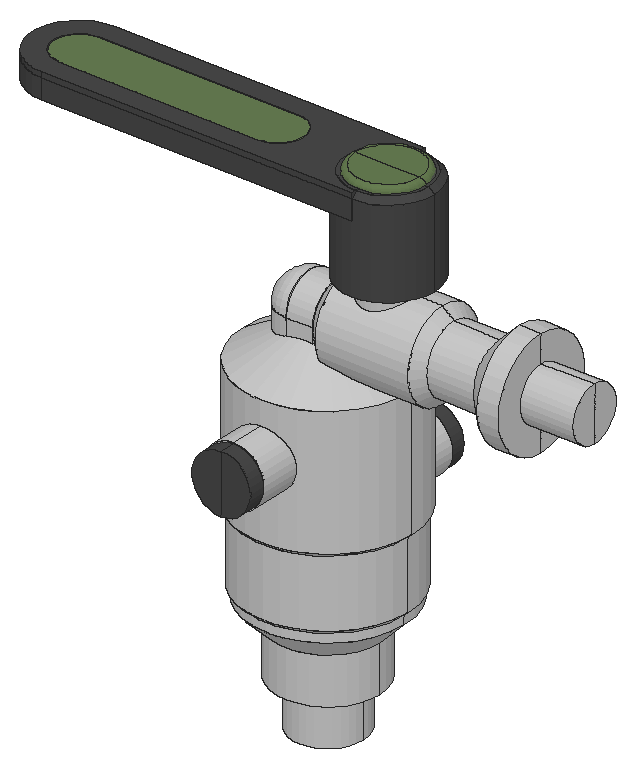
Revit family "Водоразборная арматура в комплекте с клапаном предотвращения обратного потока 0300", category Rohrzubehör, Revit 2019
Family settings
  Bemaßung runder Anschluss = Durchmesser verwenden
  Teiletyp = Unterbricht
  OmniClass-Nummer = 23.65.55.14
  OmniClass-Titel = Valves for Liquid Services
  Arbeitsebenenbasiert = Nein
  Immer vertikal = Ja
  Beim Laden mit Abzugskörper schneiden = Nein
  Gemeinsam genutzt = Nein
Parameters (values of type "DN15 - DN20")
  Уплотнение = "EPDM"  # constant formula
  Примечание = "В соответствии со статьей 33 Регламента REACH (Registration; Evaluation; Authorisation; Restriction of Chemicals) (EC № 1907/2006) мы обязаны указать, что свинец внесен в список SVHC (Substances of Very High Concern - вещества очень высокой важности) и весовой процент свинца во всех латунных компонентах заводского изготовления в наших изделиях, превышает 0,1 % (w/w) (CAS: 7439-92-1 / EINECS: 231-100-4).\r\nПоскольку свинец является легирующим компонентом сплава, прямое негативное влияние исключается, и поэтому дополнительной информации о безопасном использовании не требуется."
  Область применения = "Водоразборная арматура со встроенным клапаном предотвращения обратного потока (ВА) предназначена для установки над раковинами, ваннами или для установки вне помещения (например, клапан в саду).\r\nАрматура состоит из шарового крана на стороне входа и клапана предотвращения обратного потока ниже по направлению потока, тип ВА согласно DIN EN 1717."
  Макс. рабочее давление = 1000000.0 Pa  # constant formula
  Макс. рабочая температура = 65 °C  # constant formula
  Корпус = "штампованная латунь (CW617N), хромированная"  # constant formula
  Макс. допустимая рабочая температура (кратковременно) = 80 °C  # constant formula
  Исполнение = "Клапан предотвращения обратного потока ВА, встроенный в водоразборную арматуру, разработан согласно требованиям нормы DIN EN 1717.\r\nСогласно этой нормы качество воды, в зависимости от степени загрязнения, разделяется на 5 классов.\r\nКлапан предотвращения обратного потока типа ВА защищает от попадания непитьевой воды (4-й класс защиты - самый высокий класс защиты, который может обеспечить арматура).\r\nУстановка фильтра-грязевика перед клапаном предотвращения обратного потока помогает обеспечить его долгий срок службы.\r\nЭта арматура может быть установлена только в вертикальном положении."
  W02 = 60.00°  # constant formula
  W01 = 45.00°  # constant formula
  URL = "www.herz-armaturen.ru"
  Картридж клапана предотвращения обратного потока = "высококачественный устойчивый к известковому налету пластик"  # constant formula
  STL02 = 37.500 mm  # constant formula
  STL01 = 33.000 mm  # constant formula
  STD02 = 8.200 mm  # constant formula
  STD01 = 8.500 mm  # constant formula
  SCTWSEQ = "AW;SBT_TYP_AW=\"104\";2"
  SCTWCODE = "04;12;02"  # constant formula
  S05 = R03 - 2.000 mm  # 10.400 mm
  S04 = 33.000 mm  # constant formula
  S03 = 25.000 mm  # constant formula
  S02 = 45.000 mm  # constant formula
  S01 = 13.000 mm  # constant formula
  R09 = 13.000 mm  # constant formula
  R05 = 8.000 mm  # constant formula
  R04 = 8.500 mm  # constant formula
  R03 = 12.400 mm  # constant formula
  R02 = 9.500 mm  # constant formula
  R01 = 15.000 mm  # constant formula
  NennweiteEin [instance] = if([15_20], 15.000 mm, if([20_20], 20.000 mm, if([20_25], 20.000 mm, 0.000 mm)))  # 15.000 mm
  NennweiteAus [instance] = if([15_20], 20.000 mm, if([20_20], 20.000 mm, if([20_25], 25.000 mm, 0.000 mm)))  # 20.000 mm
  Среда = "вода (не пар)"  # constant formula
  LO01 = 34.500 mm  # constant formula
  L11 = 77.500 mm  # constant formula
  L10 = 57.500 mm  # constant formula
  L09 = 58.000 mm  # constant formula
  L08 = 2.500 mm  # constant formula
  L07 = 26.000 mm  # constant formula
  L06 = 6.000 mm  # constant formula
  L05 = 15.000 mm  # constant formula
  L04 = 5.000 mm  # constant formula
  L03 = 100.000 mm  # constant formula
  L02 = 58.000 mm  # constant formula
  L01 = 75.000 mm  # constant formula
  Hersteller = "HERZ Armaturen Ges.m.b.H."  # constant formula
  H08 = 15.000 mm  # constant formula
  H07 = 36.000 mm  # constant formula
  H06 = 19.000 mm  # constant formula
  H05 = 2.500 mm  # constant formula
  H04 = 13.000 mm  # constant formula
  H03 = 13.000 mm  # constant formula
  H02 = 105.000 mm  # constant formula
  H01 = 146.000 mm - H02  # 41.000 mm
  Положение при монтаже = "вертикальное"  # constant formula
  Номер заказа = if([15_20], "I030001", if([20_20], "I030002", if([20_25], "I030012", "0")))  # "I030001"
  20_25 = no
  20_20 = no
  15_20 = yes
  D05 = 14.500 mm  # constant formula
  D04 = 21.500 mm  # constant formula
  D03 = 22.500 mm  # constant formula
  D02 = 7.000 mm  # constant formula
  D01 = 23.500 mm  # constant formula
  AGein [instance] = NennweiteEin / 2  # 7.500 mm
  AGaus [instance] = NennweiteAus / 2  # 10.000 mm
Types (4, lengths in mm): name | NennweiteEin | NennweiteAus | Номер заказа | 20_25 | 20_20 | 15_20 | AGein | AGaus
  (no name) | 15.000 | 20.000 | "I030001" | no | no | yes | 7.500 | 10.000
  DN15 - DN20 | 15.000 | 20.000 | "I030001" | no | no | yes | 7.500 | 10.000
  DN20 - DN20 | 20.000 | 20.000 | "I030002" | no | yes | no | 10.000 | 10.000
  DN20 - DN25 | 20.000 | 25.000 | "I030012" | yes | no | no | 10.000 | 12.500
Reference planes
  plane 1 "Mitte (Vorne/hinten)": y = 0
  plane 2: z = 0
  plane 3 "Mitte (Links/rechts)": x = 0
Forms (mm)
  Revolve 1, solid, material "Messing, vernickelt", detail levels fine
    sketch origin (0, 0, -213.5) x (1, 0, 0) y (0, 0, 1)
      loop
        line (0, 108.5) -> (0, 213.5) -> (-7, 213.5) -> (-7, 210.526) -> (-23.5, 201) -> (-23.5, 165) -> (-22.5, 164) -> (-22.5, 145) -> (-21.5, 144) -> (-21.5, 141.5) -> (-14.5, 134.5) -> (-14.5, 121.5) -> (-10, 121.5) -> (-10, 108.5) -> (0, 108.5)
      axis (0, 213.5) -> (0, 108.5)
    angle from 0 to 360
  Revolve 2, solid, material "Messing, vernickelt", detail levels fine
    sketch origin (0, 0, 0) x (1, 0, 0) y (0, 0, 1)
      loop
        line (2.5, 0) -> (75, 0) -> (75, 7.5) -> (60, 7.5) -> (60, 15) -> (54, 15) -> (48.5, 9.5) -> (35.3, 9.5) -> (32.4, 12.4) -> (6.4, 12.4) -> (2.5, 8.5) -> (2.5, 0)
      axis (2.5, 0) -> (75, 0)
    angle from 0 to 360
  Extrusion 3, solid, material "Messing, vernickelt", detail levels fine
    sketch origin (0, 0, 0) x (0, 1, 0) y (0, 0, 1)
      loop
        arc (8.5, 0) -> (0, 8.5) -> (-8.5, 0) r 8.5
        line (-8.5, 0) -> (-8.5, -12.5) -> (8.5, -12.5) -> (8.5, 0)
    from 2.5 to -5
  Extrusion 4, solid, material "Messing, vernickelt", detail levels fine
    sketch origin (0, 0, 0) x (1, 0, 0) y (0, 1, 0)
      loop
        circle (-5, 0) r 8.5
    from -20 to 0
  Revolve 5, solid, material "Messing, vernickelt", detail levels fine
    sketch origin (0, 0, 0) x (1, 0, 0) y (0, 1, 0)
      loop
        arc (-5, 8.5) -> (-11.01, 6.01) -> (-13.5, 0) r 8.5
        line (-13.5, 0) -> (-5, 0) -> (-5, 8.5)
      axis (-5, 0) -> (-13.5, 0)
    angle from 0 to 360
  Revolve 6, solid, material "Messing, vernickelt", detail levels fine
    sketch origin (0, 0, 0) x (1, 0, 0) y (0, 0, 1)
      loop
        line (17, 0) -> (25, 0) -> (25, 15) -> (17, 15) -> (17, 0)
      axis (17, 15) -> (17, 0)
    angle from 0 to 360
  Revolve 7, solid, material "Kunststoff SCHWARZ", detail levels fine
    sketch origin (0, 0, 0) x (1, 0, 0) y (0, 0, 1)
      loop
        line (17, 15) -> (30, 15) -> (30, 39.5) -> (28.5, 41) -> (17, 41) -> (17, 15)
      axis (17, 15) -> (17, 41)
    angle from 0 to 360
  Revolve 8, solid, material "Kunststoff GRÜN", detail levels fine
    sketch origin (0, 0, 0) x (1, 0, 0) y (0, 0, 1)
      loop
        line (17, 42.5) -> (17, 41) -> (27.5, 41)
        arc (27.5, 41) -> (27.061, 42.061) -> (26, 42.5) r 1.5
        line (26, 42.5) -> (17, 42.5)
      axis (17, 42.5) -> (17, 41)
    angle from 0 to 360
  Extrusion 9, solid, material "Kunststoff SCHWARZ", detail levels fine
    sketch origin (0, 0, 0) x (1, 0, 0) y (0, 1, 0)
      loop
        line (17, 13) -> (-70, 13)
        arc (-70, 13) -> (-83, 0) -> (-70, -13) r 13
        line (-70, -13) -> (17, -13) -> (17, 13)
    from 34 to 39.5
  Extrusion 10, solid, material "Kunststoff SCHWARZ", detail levels fine
    sketch origin (0, 0, 0) x (1, 0, 0) y (0, 1, 0)
      loop
        line (17, 13) -> (-70, 13)
        arc (-70, 13) -> (-83, 0) -> (-70, -13) r 13
        line (-70, -13) -> (17, -13) -> (17, 13)
      loop
        arc (-70, 7) -> (-77, 0) -> (-70, -7) r 7
        line (-70, -7) -> (-14, -7)
        arc (-14, -7) -> (-7, 0) -> (-14, 7) r 7
        line (-14, 7) -> (-70, 7)
    from 39.5 to 41
  Extrusion 11, solid, material "Kunststoff GRÜN", detail levels fine
    sketch origin (0, 0, 0) x (1, 0, 0) y (0, 1, 0)
      loop
        arc (-70, 7) -> (-77, 0) -> (-70, -7) r 7
        line (-70, -7) -> (-14, -7)
        arc (-14, -7) -> (-7, 0) -> (-14, 7) r 7
        line (-14, 7) -> (-70, 7)
    from 39.5 to 41
  Revolve 12, solid, material "Messing, vernickelt", detail levels fine
    sketch origin (0, 0, 0) x (0, 1, 0) y (0, 0, 1)
      loop
        line (0, -39) -> (0, -47.5) -> (33, -47.5) -> (33, -39) -> (0, -39)
      axis (33, -47.5) -> (0, -47.5)
    angle from 0 to 360
  Revolve 13, solid, material "Messing, vernickelt", detail levels fine
    sketch origin (0, 0, 0) x (0, -1, 0) y (0, 0, 1)
      loop
        line (0, -19) -> (0, -27.5) -> (33, -27.5) -> (33, -19) -> (0, -19)
      axis (33, -27.5) -> (0, -27.5)
    angle from 0 to 360
  Revolve 14, solid, material "Kunststoff SCHWARZ", detail levels fine
    sketch origin (0, 0, 0) x (0, 1, 0) y (0, 0, 1)
      loop
        line (-33, -27.5) -> (-33, -19.3) -> (-37.5, -19.3) -> (-37.5, -27.5) -> (-33, -27.5)
      axis (-33, -27.5) -> (-37.5, -27.5)
    angle from 0 to 360
  Revolve 15, solid, material "Kunststoff SCHWARZ", detail levels fine
    sketch origin (0, 0, 0) x (0, -1, 0) y (0, 0, 1)
      loop
        line (-33, -47.5) -> (-33, -39.3) -> (-37.5, -39.3) -> (-37.5, -47.5) -> (-33, -47.5)
      axis (-33, -47.5) -> (-37.5, -47.5)
    angle from 0 to 360
Lines and regions (mm)
  model lines, detail levels coarse+medium
    curve 1: line (35.5, 0, 12.4) -> (35.5, 0, -12.4)
    curve 2: line (35.5, 0, -12.4) -> (2.5, 0, 12.4)
    curve 3: line (2.5, 0, 12.4) -> (2.5, 0, -12.4)
    curve 4: line (2.5, 0, -12.4) -> (35.5, 0, 12.4)
    curve 5: circle (10.02, 0, 0) r 10.4 normal (0, -1, 0)
    curve 6: line (35.5, 0, 0) -> (75, 0, 0)
    curve 7: line (60, 0, 15) -> (60, 0, -15)
    curve 8: line (-23.5, 0, -12.4) -> (23.5, 0, -12.4)
    curve 9: line (-23.5, 0, -105) -> (-23.5, 0, -12.4)
    curve 10: line (23.5, 0, -105) -> (-23.5, 0, -105)
    curve 11: line (23.5, 0, -12.4) -> (23.5, 0, -105)
    curve 12: line (2.5, 0, 0) -> (0, 0, 0)
    curve 13: line (0, 0, 0) -> (0, 0, -12.4)
    curve 14: line (-10.5, 0, -105) -> (-10.5, 0, -80)
    curve 15: line (-10.5, 0, -57.4) -> (-10.5, 0, -12.4)
    curve 16: line (10.5, 0, -105) -> (10.5, 0, -80)
    curve 17: line (10.5, 0, -57.4) -> (10.5, 0, -12.4)
    curve 18: line (0, -23.5, -105) -> (0, 23.5, -105)
    curve 19: line (0, -23.5, -12.4) -> (0, -23.5, -105)
    curve 20: line (0, 23.5, -12.4) -> (0, -23.5, -12.4)
    curve 21: line (0, 23.5, -105) -> (0, 23.5, -12.4)
    curve 26: arc (0, -12.4, 0) -> (0, 0, 12.4) -> (0, 12.4, 0) r 12.4
  model lines
    curve 22: line (0, -10.5, -105) -> (0, -10.5, -80)
    curve 23: line (0, -10.5, -57.4) -> (0, -10.5, -12.4)
    curve 24: line (0, 10.5, -105) -> (0, 10.5, -80)
    curve 25: line (0, 10.5, -57.4) -> (0, 10.5, -12.4)
Dimensions and locks
  "H03": Revolve 1 sketch curve to Revolve 1 sketch curve
  "H04": Revolve 1 sketch curve to Revolve 1 sketch curve
  "H05": Revolve 1 sketch curve to Revolve 1 sketch curve
  "H06": Revolve 1 sketch curve to Revolve 1 sketch curve
  "H07": Revolve 1 sketch curve to Revolve 1 sketch curve
  "AGaus": Revolve 1 sketch curve to plane 3 "Mitte (Links/rechts)"
  "D01": Revolve 1 sketch curve to Revolve 1 sketch curve
  "D02": Revolve 1 sketch curve to Revolve 1 sketch curve
  "D05": Revolve 1 sketch curve to Revolve 1 sketch curve
  "D04": Revolve 1 sketch curve to Revolve 1 sketch curve
  "D03": Revolve 1 sketch curve to Revolve 1 sketch curve
  "H02": Revolve 1 sketch curve to Revolve 1 sketch curve
  "L01": Revolve 2 sketch curve to plane 3 "Mitte (Links/rechts)"
  "L05": Revolve 2 sketch curve to Revolve 2 sketch curve
  "L06": Revolve 2 sketch curve to Revolve 2 sketch curve
  "L07": Revolve 2 sketch curve to Revolve 2 sketch curve
  "AGein": Revolve 2 sketch curve to Revolve 2 sketch curve
  "R01": Revolve 2 sketch curve to Revolve 2 sketch curve
  "R02": Revolve 2 sketch curve to Revolve 2 sketch curve
  "R03": Revolve 2 sketch curve to Revolve 2 sketch curve
  "L08": Revolve 2 sketch curve to plane 3 "Mitte (Links/rechts)"
  "R04": Revolve 2 sketch curve to Revolve 2 sketch curve
  "H08": Revolve 6 sketch curve to plane 2
  "R05": Revolve 6 sketch curve to Revolve 6 sketch curve
  "L09": Revolve 6 sketch curve to Revolve 2
  "H08": Revolve 7 sketch curve to plane 2
  "R09": Revolve 7 sketch curve to Revolve 7 sketch curve
  "L02": Revolve 2 to Revolve 7 sketch curve
  "H01": Revolve 7 sketch curve to plane 2
  Revolve 7 sketch curve to Revolve 7 sketch curve = 11.500 mm
  "L02": Revolve 2 to Revolve 8 sketch curve
  Revolve 8 sketch curve to Revolve 7 = 1.500 mm
  "H01": Revolve 8 sketch curve to plane 2
  "L02": Extrusion 9 sketch curve to Revolve 2
  "R09": Extrusion 9 sketch curve to plane 1 "Mitte (Vorne/hinten)" to Extrusion 9 sketch curve
  "L03": Extrusion 9 sketch curve to Extrusion 9 sketch curve
  "L03": Extrusion 10 sketch curve to Extrusion 9
  "L02": Extrusion 10 sketch curve to Revolve 2
  "STL01": Revolve 12 sketch curve to plane 1 "Mitte (Vorne/hinten)"
  "STD01": Revolve 12 sketch curve to Revolve 12 sketch curve
  "L10": Revolve 1 to Revolve 12 sketch curve
  "STD01": Revolve 13 sketch curve to Revolve 13 sketch curve
  "STL01": plane 1 "Mitte (Vorne/hinten)" to Revolve 13 sketch curve
  "L11": Revolve 13 sketch curve to Revolve 1
  "STL01": plane 1 "Mitte (Vorne/hinten)" to Revolve 14 sketch curve
  "STL02": Revolve 13 to Revolve 14 sketch curve
  "STD02": Revolve 14 sketch curve to Revolve 14 sketch curve
  "L11": Revolve 1 to Revolve 14 sketch curve
  "D01": nested 1 to plane 3 "Mitte (Links/rechts)"
  "LO01": level to nested 1
  "STD02": Revolve 15 sketch curve to Revolve 15 sketch curve
  "L10": Revolve 15 sketch curve to Revolve 1
  "STL01": Revolve 15 sketch curve to plane 1 "Mitte (Vorne/hinten)"
  "STL02": Revolve 15 sketch curve to plane 1 "Mitte (Vorne/hinten)"
  "R03": curve 4 to plane 2 to curve 2
  "R03": curve 3 to plane 2 to curve 4
  "L08": plane 3 "Mitte (Links/rechts)" to curve 3
  "S04": curve 3 to curve 1
  "L01": curve 6 to plane 3 "Mitte (Links/rechts)"
  "R01": curve 7 to plane 2 to curve 7
  curve 7 to curve 6 = 15.000 mm
  "D01": curve 11 to plane 3 "Mitte (Links/rechts)" to curve 9
  "H02": plane 2 to curve 10
  "R03": plane 2 to curve 8
  "S01": curve 14 to curve 9
  "S01": curve 11 to curve 16
  "S01": curve 11 to curve 17
  "S01": curve 15 to curve 9
  "S02": curve 8 to curve 17
  "S02": curve 8 to curve 15
  "S03": curve 14 to curve 10
  "S03": curve 16 to curve 10
  "H02": plane 2 to curve 18
  "R03": plane 2 to curve 20
  "D01": curve 19 to plane 1 "Mitte (Vorne/hinten)" to curve 21
  "S01": curve 19 to curve 22
  "S01": curve 24 to curve 21
  "S01": curve 25 to curve 21
  "S01": curve 19 to curve 23
  "S03": curve 18 to curve 22
  "S03": curve 18 to curve 24
  "S02": curve 20 to curve 25
  "S02": curve 20 to curve 23
  "S05": radius of curve 5
  "R03": radius of curve 26
  "W01": angle Revolve 1 sketch curve to Revolve 1 sketch curve  (x3)
  "W02": angle Revolve 1 sketch curve to Revolve 1 sketch curve
  "W01": angle Revolve 2 sketch curve to Revolve 2 sketch curve  (x3)
  "W01": angle Revolve 7 sketch curve to Revolve 7 sketch curve
  aligned and locked: level to plane 2
Automatic sketch dimensions
  Extrusion 3 sketch curve to level = 0.000 mm  (x2)
  Extrusion 3 sketch curve to plane 1 "Mitte (Vorne/hinten)" = 0.000 mm
  plane 1 "Mitte (Vorne/hinten)" to Extrusion 3 sketch curve = 8.500 mm
  Extrusion 3 sketch curve to level = 12.500 mm
  plane 1 "Mitte (Vorne/hinten)" to Extrusion 4 sketch curve = 0.000 mm
  Extrusion 4 sketch curve to plane 3 "Mitte (Links/rechts)" = 5.000 mm
  Revolve 5 sketch curve to plane 1 "Mitte (Vorne/hinten)" = 0.000 mm
  plane 1 "Mitte (Vorne/hinten)" to Revolve 5 sketch curve = 0.000 mm
  Revolve 5 sketch curve to plane 3 "Mitte (Links/rechts)" = 13.500 mm
  Revolve 5 sketch curve to plane 3 "Mitte (Links/rechts)" = 5.000 mm
  Revolve 5 sketch curve to Revolve 5 sketch curve = 1986.500 mm
  plane 3 "Mitte (Links/rechts)" to Revolve 5 sketch curve = 2000.000 mm
  plane 1 "Mitte (Vorne/hinten)" to Extrusion 11 sketch curve = 0.000 mm
  Extrusion 11 sketch curve to plane 3 "Mitte (Links/rechts)" = 70.000 mm
  Extrusion 11 sketch curve to plane 1 "Mitte (Vorne/hinten)" = 7.000 mm
  Extrusion 11 sketch curve to plane 3 "Mitte (Links/rechts)" = 14.000 mm
  curve 26 to level = 0.000 mm
  curve 26 to plane 1 "Mitte (Vorne/hinten)" = 0.000 mm
  curve 12 to level = 0.000 mm
  curve 12 to plane 3 "Mitte (Links/rechts)" = 0.000 mm
  curve 5 to level = 0.000 mm
  curve 6 to level = 0.000 mm
  plane 3 "Mitte (Links/rechts)" to curve 3 = 2.500 mm
  curve 12 to curve 5 = 7.520 mm
  Revolve 1 sketch curve to level = 0.000 mm
  Revolve 1 sketch curve to plane 3 "Mitte (Links/rechts)" = 0.000 mm  (x2)
  Revolve 1 sketch curve to Revolve 1 sketch curve = 261.045 mm
  level to Revolve 1 sketch curve = 2214.315 mm
  Revolve 2 sketch curve to level = 0.000 mm  (x2)
  Revolve 2 sketch curve to plane 3 "Mitte (Links/rechts)" = 1506.530 mm
  Revolve 2 sketch curve to Revolve 2 sketch curve = 1764.148 mm
  Revolve 6 sketch curve to level = 0.000 mm  (x2)
  Revolve 6 sketch curve to Revolve 6 sketch curve = 0.000 mm  (x2)
  Revolve 7 sketch curve to Revolve 7 sketch curve = 0.000 mm  (x3)
  Revolve 8 sketch curve to Revolve 8 sketch curve = 9.000 mm
  Revolve 8 sketch curve to Revolve 8 sketch curve = 0.000 mm  (x3)
  Extrusion 9 sketch curve to Extrusion 9 sketch curve = 0.000 mm
  Extrusion 10 sketch curve to Extrusion 10 sketch curve = 0.000 mm  (x2)
  plane 1 "Mitte (Vorne/hinten)" to Extrusion 10 sketch curve = 0.000 mm
  Extrusion 10 sketch curve to plane 1 "Mitte (Vorne/hinten)" = 7.000 mm
  Extrusion 10 sketch curve to plane 3 "Mitte (Links/rechts)" = 14.000 mm
  Extrusion 10 sketch curve to Extrusion 10 sketch curve = 56.000 mm
  Revolve 12 sketch curve to plane 1 "Mitte (Vorne/hinten)" = 0.000 mm  (x2)
  Revolve 12 sketch curve to Revolve 12 sketch curve = 0.000 mm  (x2)
  Revolve 13 sketch curve to plane 1 "Mitte (Vorne/hinten)" = 0.000 mm  (x2)
  Revolve 13 sketch curve to Revolve 13 sketch curve = 0.000 mm  (x2)
  Revolve 14 sketch curve to Revolve 14 sketch curve = 0.000 mm  (x3)
  Revolve 15 sketch curve to Revolve 15 sketch curve = 0.000 mm  (x3)
  radius of Extrusion 4 sketch curve = 8.500 mm
Nested families
  nested 1: "Herz-Logo-vorne" at (-23.5, 0, -39), type "Herz-Logo-vorne", detail levels fine
Connectors
  piping at (0, 0, -105), diameter 20, driven by "NennweiteAus"
    settings: on Revolve 1, index 1, connector inside diameter 609.6 mm, connector length 0.000 mm, flow factor 0, pipe flow 0.0 L/s, pressure drop 0.0 Pa, fitting loss kfactor 0, connector angle 0.00°, fixture units 0, engagement length 0.000 mm, angle of deflection 0.00°, flow configuration 0, flow direction 2, fitting loss method 0, system type 29, joint type 0, gender type 0, connector reference index -1, connector utility 0, adjustable connector no, is connector primary yes, connector description ""
  piping at (75, 0, 0), diameter 15, driven by "NennweiteEin"
    settings: on Revolve 2, index 2, connector inside diameter 609.6 mm, connector length 0.000 mm, flow factor 0, pipe flow 0.0 L/s, pressure drop 0.0 Pa, fitting loss kfactor 0, connector angle 0.00°, fixture units 0, engagement length 0.000 mm, angle of deflection 0.00°, flow configuration 0, flow direction 1, fitting loss method 0, system type 29, joint type 0, gender type 0, connector reference index -1, connector utility 0, adjustable connector no, is connector primary no, connector description ""
Definition of nested family "Herz-Logo-vorne"
  Reference planes
    plane 1 "Mitte (Vorne/hinten)": y = 0
    plane 2: z = 0
    plane 3 "Mitte (Links/rechts)": x = 0
  Forms (mm)
    Extrusion 1, solid
      sketch origin (0.732, -0.018, 0.017) x (0, -1, 0) y (0, 0, 1)
        loop
          line (-0.018, -4.517) -> (4.482, -4.517) -> (4.482, 4.483) -> (-4.518, 4.483) -> (-4.518, -4.517) -> (-0.018, -4.517)
        loop
          line (-0.05, -3.48) -> (3.482, -3.48) -> (3.482, 3.483) -> (-3.518, 3.483) -> (-3.518, -3.48) -> (-0.05, -3.48)
        loop
          arc (-0.018, 2.383) -> (-1.543, 3.287) -> (-3.067, 2.383) r 1.738
          arc (-3.067, 2.383) -> (-3.191, 1.899) -> (-3.067, 1.415) r 1.009
          line (-3.067, 1.415) -> (-0.018, -3.281) -> (3.032, 1.415)
          arc (3.032, 1.415) -> (3.156, 1.899) -> (3.032, 2.383) r 1.009
          arc (3.032, 2.383) -> (1.507, 3.287) -> (-0.018, 2.383) r 1.738
        loop
          arc (1.885, 1.272) -> (2.005, 1.675) -> (1.885, 2.079) r 0.74
          arc (1.885, 2.079) -> (1.265, 2.416) -> (0.644, 2.079) r 0.74
          line (0.644, 2.079) -> (-0.018, 0.97) -> (-0.679, 2.079)
          arc (-0.679, 2.079) -> (-1.3, 2.416) -> (-1.921, 2.079) r 0.74
          arc (-1.921, 2.079) -> (-2.04, 1.675) -> (-1.921, 1.272) r 0.74
          line (-1.921, 1.272) -> (-0.018, -1.658) -> (1.885, 1.272)
      from 0 to 1.5
  Dimensions and locks
    aligned and locked: level to plane 2
